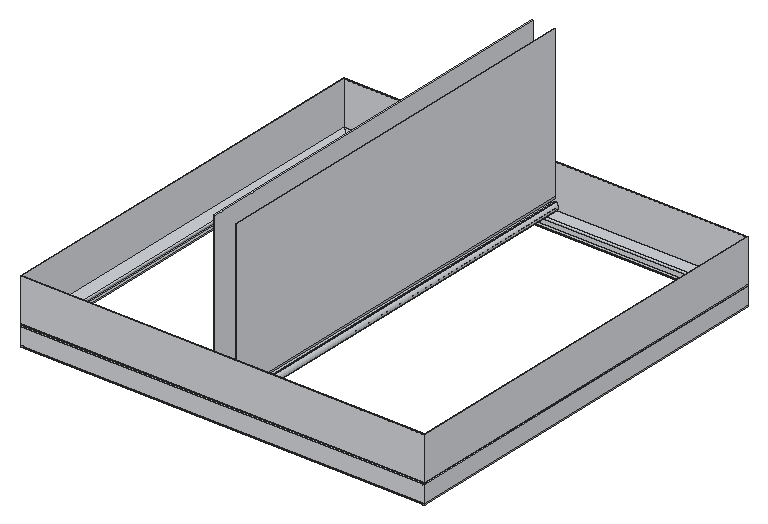
Revit family "C-SR, C-SR-A", category Mechanical Equipment, Revit 2015
Parameters
  URL = "http://unitedenertech.com/catalog/pdf/D-3%20%20C-SR%20(SR-A).pdf"
  Type Comments = "Max. Size is (22\"w x 22\"l)"
  Track Length [instance] = Exact Length - 0' 0 3/16"  # 1' - 3 13/16"
  Model = "C-S/R, C-S/R-A"
  Manufacturer = "United Enertech Corporation"
  Exact Width = 1' - 4"
  Exact Length = 1' - 4"
  Description = "Rectangular Ceiling Damper"
  Blade Height [instance] = Exact Width / 2 - 0' 0 3/4"  # 0' - 7 1/4"
Reference planes (in)
  plane 1 "Center (Front/Back)": y = 0
  plane 2: z = 0
  plane 3 "Center (Left/Right)": x = 0
  plane 4: x = -8
  plane 5: x = 8
  plane 6: y = -8
  plane 7: y = 8
  plane 8: z = 7.25
  plane 9: z = 0.82115
  plane 10: y = -7.875
  plane 11: y = 7.875
Forms (in)
  Extrusion 1, solid
    sketch origin (-3.22557, 0, -2.40103) x (1, 0, 0) y (0, 0, 1)
      loop
        line (3.67769, 3.31415) -> (3.67769, 3.45261) -> (3.64253, 3.45261) -> (3.64253, 3.31415)
        arc (3.64253, 3.31415) -> (3.63351, 3.28115) -> (3.60896, 3.25734) r 0.06484
        line (3.60896, 3.25734) -> (3.49684, 3.25734)
        arc (3.49684, 3.25734) -> (3.38487, 3.43989) -> (3.54769, 3.57899) r 0.16484
        arc (3.54769, 3.57899) -> (3.64326, 3.61858) -> (3.68285, 3.71415) r 0.13516
        line (3.68285, 3.71415) -> (3.68285, 9.65103) -> (3.64769, 9.65103) -> (3.64769, 3.71415)
        arc (3.64769, 3.71415) -> (3.6184, 3.64343) -> (3.54769, 3.61415) r 0.1
        arc (3.54769, 3.61415) -> (3.34971, 3.4425) -> (3.49156, 3.22218) r 0.2
        line (3.49156, 3.22218) -> (3.61697, 3.22218)
        arc (3.61697, 3.22218) -> (3.66114, 3.25905) -> (3.67769, 3.31415) r 0.1
    from -7.875 to 7.875
  Extrusion 2, solid
    sketch origin (3.22557, 0, -2.40103) x (-1, 0, 0) y (0, 0, -1)
      loop
        arc (3.67769, -3.31415) -> (3.66114, -3.25905) -> (3.61697, -3.22218) r 0.1
        line (3.61697, -3.22218) -> (3.49156, -3.22218)
        arc (3.49156, -3.22218) -> (3.34971, -3.4425) -> (3.54769, -3.61415) r 0.2
        arc (3.54769, -3.61415) -> (3.6184, -3.64343) -> (3.64769, -3.71415) r 0.1
        line (3.64769, -3.71415) -> (3.64769, -9.65103) -> (3.68285, -9.65103) -> (3.68285, -3.71415)
        arc (3.68285, -3.71415) -> (3.64326, -3.61858) -> (3.54769, -3.57899) r 0.13516
        arc (3.54769, -3.57899) -> (3.38487, -3.43989) -> (3.49684, -3.25734) r 0.16484
        line (3.49684, -3.25734) -> (3.60896, -3.25734)
        arc (3.60896, -3.25734) -> (3.63351, -3.28115) -> (3.64253, -3.31415) r 0.06484
        line (3.64253, -3.31415) -> (3.64253, -3.45261) -> (3.67769, -3.45261) -> (3.67769, -3.31415)
    from -7.875 to 7.875
Dimensions and locks (in)
  equal spacing: plane 4, plane 3 "Center (Left/Right)", plane 5
  "Exact Width": plane 4 to plane 5
  equal spacing: plane 7, plane 1 "Center (Front/Back)", plane 6
  "Exact Length": plane 7 to plane 6
  "Blade Height": plane 8 to level
  locked: plane 9 to level at 0.82115
  locked: plane 10 to plane 6 at 0.125
  locked: plane 11 to plane 7 at 0.125
  aligned and locked: level to plane 2
  aligned and locked: plane 3 "Center (Left/Right)" to nested 1
  aligned and locked: plane 7 to nested 1
  aligned and locked: plane 6 to nested 2
  aligned and locked: plane 1 "Center (Front/Back)" to nested 3
  aligned and locked: nested 4 to plane 4
  aligned and locked: plane 5 to nested 3
  aligned and locked: plane 1 "Center (Front/Back)" to nested 5
  aligned and locked: Extrusion 1 sketch curve to plane 9
  aligned and locked: Extrusion 1 sketch curve to plane 8
  aligned and locked: Extrusion 1 to plane 10
  aligned and locked: Extrusion 1 to plane 11
  aligned and locked: Extrusion 2 to plane 11
  aligned and locked: Extrusion 2 to plane 10
Automatic sketch dimensions
  Extrusion 1 sketch curve to Extrusion 1 sketch curve = 0' - 0"  (x6)
  plane 3 "Center (Left/Right)" to Extrusion 1 sketch curve = 0' - 0.26599"
  Extrusion 1 sketch curve to Extrusion 1 sketch curve = 0' - 0.00528"
  Extrusion 1 sketch curve to Extrusion 1 sketch curve = 0' - 0.05085"
  Extrusion 1 sketch curve to Extrusion 1 sketch curve = 0' - 0.08085"
  plane 9 to Extrusion 1 sketch curve = 0' - 0 9/256"
  Extrusion 1 sketch curve to Extrusion 1 sketch curve = 0' - 0.03127"
  Extrusion 1 sketch curve to Extrusion 1 sketch curve = 0' - 0.00801"
  Extrusion 1 sketch curve to Extrusion 1 sketch curve = 0' - 0.09484"
  plane 3 "Center (Left/Right)" to Extrusion 1 sketch curve = 0' - 0.42212"
  Extrusion 1 sketch curve to Extrusion 1 sketch curve = 0' - 0 9/256"
  Extrusion 1 sketch curve to Extrusion 1 sketch curve = 0' - 0.1"  (x2)
  Extrusion 1 sketch curve to Extrusion 1 sketch curve = 0' - 0.03847"
  Extrusion 2 sketch curve to Extrusion 2 sketch curve = 0' - 0"  (x6)
  Extrusion 2 sketch curve to plane 9 = 0' - 0"
  Extrusion 2 sketch curve to plane 8 = 0' - 0"
  plane 3 "Center (Left/Right)" to Extrusion 2 sketch curve = 0' - 0.26599"
  Extrusion 2 sketch curve to Extrusion 2 sketch curve = 0' - 0.00528"
  Extrusion 2 sketch curve to Extrusion 2 sketch curve = 0' - 0.05085"
  Extrusion 2 sketch curve to Extrusion 2 sketch curve = 0' - 0.08085"
  Extrusion 2 sketch curve to plane 9 = 0' - 0 9/256"
  Extrusion 2 sketch curve to Extrusion 2 sketch curve = 0' - 0.03127"
  Extrusion 2 sketch curve to Extrusion 2 sketch curve = 0' - 0.00801"
  Extrusion 2 sketch curve to Extrusion 2 sketch curve = 0' - 0.09484"
  plane 3 "Center (Left/Right)" to Extrusion 2 sketch curve = 0' - 0.42212"
  Extrusion 2 sketch curve to Extrusion 2 sketch curve = 0' - 0 9/256"
  Extrusion 2 sketch curve to Extrusion 2 sketch curve = 0' - 0.1"  (x2)
  Extrusion 2 sketch curve to Extrusion 2 sketch curve = 0' - 0.03847"
Nested families (in)
  nested 1: "C-SR FRAME 1" at (0, 5.96484, -0.25013), type "C-SR FRAME 1"
    with Frame Length 1' - 4"
  nested 2: "C-SR FRAME 1" at (0, -5.96484, -0.25013), type "C-SR FRAME 1"
    with Frame Length 1' - 4"
  nested 3: "C-SR FRAME" at (5.96484, 0, -0.25013) x (0, -1, 0) z (0, 0, 1), type "C-SR FRAME"
    with Frame Length 1' - 4"
  nested 4: "C-SR FRAME" at (-5.96484, 0, -0.24845) x (0, -1, 0) z (0, 0, 1), type "C-SR FRAME"
    with Frame Length 1' - 4"
  nested 5: "CRD Track" at (1.0397, 0, 0.79202) x (0, -1, 0) z (0, 0, 1), type "CRD Track"
    with Track Length 1' - 3 13/16"
Definition of nested family "C-SR FRAME 1"
  Parameters (values of type "C-SR FRAME 1")
    Frame Length = 2' - 0"
  Reference planes (in)
    plane 1 "Center (Front/Back)": y = 0
    plane 2: z = 0
    plane 3 "Center (Left/Right)": x = 0
    plane 4: x = -12
    plane 5: x = 12
  Forms (in)
    Extrusion 1, solid
      sketch origin (0, 3.63966, -0.3957) x (0, 1, 0) y (0, 0, 1)
        loop
          line (-1.6045, 1.44089) -> (-1.6045, 3.1457) -> (-1.63966, 3.1457) -> (-1.63966, 1.43053) -> (-2.19698, 1.43786)
          arc (-2.19698, 1.43786) -> (-2.23913, 1.3957) -> (-2.19698, 1.35355) r 0.04215
          line (-2.19698, 1.35355) -> (-1.63966, 1.36048) -> (-1.63966, 0.75024) -> (-1.66408, 0.77073) -> (-1.67798, 0.6889)
          arc (-1.67798, 0.6889) -> (-1.64461, 0.64584) -> (-1.6045, 0.6827) r 0.037
          line (-1.6045, 0.6827) -> (-1.6045, 1.35051)
          arc (-1.6045, 1.35051) -> (-1.61782, 1.38247) -> (-1.64988, 1.39551) r 0.045
          arc (-1.64988, 1.39551) -> (-1.61779, 1.4088) -> (-1.6045, 1.44089) r 0.04538
      from -12 to 12
    Extrusion 2, void
      sketch origin (0, 0, 0) x (1, 0, 0) y (0, 1, 0)
        loop
          line (-12, 2.03516) -> (-12, 0) -> (-9.96484, 0) -> (-12, 2.03516)
      from 0 to 12
    Extrusion 3, void
      sketch origin (0, 0, 0) x (-1, 0, 0) y (0, -1, 0)
        loop
          line (-12, -2.03516) -> (-9.96484, 0) -> (-12, 0) -> (-12, -2.03516)
      from 0 to 12
  Cuts and joins
    Extrusion 2, Extrusion 3 cuts Extrusion 1
  Dimensions and locks (in)
    equal spacing: plane 4, plane 3 "Center (Left/Right)", plane 5
    "Frame Length": plane 4 to plane 5
    aligned and locked: level to plane 2
    aligned and locked: plane 4 to Extrusion 1
    aligned and locked: plane 5 to Extrusion 1
  Automatic sketch dimensions
    Extrusion 1 sketch curve to plane 1 "Center (Front/Back)" = 0' - 1.44268"
    level to Extrusion 1 sketch curve = 0' - 0.2932"
    Extrusion 1 sketch curve to Extrusion 1 sketch curve = 0' - 0.519"
    level to Extrusion 1 sketch curve = 0' - 0.37502"
    Extrusion 1 sketch curve to Extrusion 1 sketch curve = 0' - 0.0139"
    Extrusion 1 sketch curve to Extrusion 1 sketch curve = 0' - 0.54709"
    Extrusion 1 sketch curve to Extrusion 1 sketch curve = 0' - 0.00038"
    Extrusion 1 sketch curve to Extrusion 1 sketch curve = 0' - 0.03648"
    Extrusion 1 sketch curve to Extrusion 1 sketch curve = 0' - 0.01023"
    level to Extrusion 1 sketch curve = 0' - 0.96478"
    Extrusion 1 sketch curve to Extrusion 1 sketch curve = 0' - 0.00984"
    Extrusion 1 sketch curve to Extrusion 1 sketch curve = 0' - 0 9/256"
    Extrusion 1 sketch curve to Extrusion 1 sketch curve = 0' - 0.037"
    Extrusion 1 sketch curve to Extrusion 1 sketch curve = 0' - 0.02049"
    Extrusion 1 sketch curve to Extrusion 1 sketch curve = 0' - 0.00997"
    Extrusion 1 sketch curve to Extrusion 1 sketch curve = 0' - 0.00304"
    Extrusion 1 sketch curve to Extrusion 1 sketch curve = 0' - 0.04215"
    Extrusion 1 sketch curve to Extrusion 1 sketch curve = 0' - 0.01036"
    Extrusion 1 sketch curve to Extrusion 1 sketch curve = 0' - 1.70481"
    plane 1 "Center (Front/Back)" to Extrusion 2 sketch curve = 0' - 0"
    Extrusion 2 sketch curve to plane 4 = 0' - 0"
    Extrusion 2 sketch curve to plane 4 = 0' - 2 9/256"
    Extrusion 2 sketch curve to Extrusion 2 sketch curve = 0' - 2 9/256"
    plane 1 "Center (Front/Back)" to Extrusion 3 sketch curve = 0' - 0"
    Extrusion 3 sketch curve to plane 5 = 0' - 0"
    Extrusion 3 sketch curve to Extrusion 3 sketch curve = 0' - 2 9/256"  (x2)
Definition of nested family "C-SR FRAME"
  Parameters (values of type "C-SR FRAME")
    Frame Length = 2' - 0"
  Reference planes (in)
    plane 1 "Center (Front/Back)": y = 0
    plane 2: z = 0
    plane 3 "Center (Left/Right)": x = 0
    plane 4: x = -12
    plane 5: x = 12
  Forms (in)
    Extrusion 1, solid
      sketch origin (0, 3.63966, -0.3957) x (0, 1, 0) y (0, 0, 1)
        loop
          line (-1.6045, 1.44089) -> (-1.6045, 3.1457) -> (-1.63966, 3.1457) -> (-1.63966, 1.43053) -> (-2.19698, 1.43786)
          arc (-2.19698, 1.43786) -> (-2.23913, 1.3957) -> (-2.19698, 1.35355) r 0.04215
          line (-2.19698, 1.35355) -> (-1.63966, 1.36048) -> (-1.63966, 0.75024) -> (-1.66408, 0.77073) -> (-1.67798, 0.6889)
          arc (-1.67798, 0.6889) -> (-1.64461, 0.64584) -> (-1.6045, 0.6827) r 0.037
          line (-1.6045, 0.6827) -> (-1.6045, 1.35051)
          arc (-1.6045, 1.35051) -> (-1.61782, 1.38247) -> (-1.64988, 1.39551) r 0.045
          arc (-1.64988, 1.39551) -> (-1.61779, 1.4088) -> (-1.6045, 1.44089) r 0.04538
      from -12 to 12
    Extrusion 2, void
      sketch origin (0, 0, 0) x (1, 0, 0) y (0, 1, 0)
        loop
          line (-12, 2.03516) -> (-12, 0) -> (-9.96484, 0) -> (-12, 2.03516)
      from 0 to 12
    Extrusion 3, void
      sketch origin (0, 0, 0) x (-1, 0, 0) y (0, -1, 0)
        loop
          line (-12, -2.03516) -> (-9.96484, 0) -> (-12, 0) -> (-12, -2.03516)
      from 0 to 12
  Cuts and joins
    Extrusion 2, Extrusion 3 cuts Extrusion 1
  Dimensions and locks (in)
    equal spacing: plane 4, plane 3 "Center (Left/Right)", plane 5
    "Frame Length": plane 4 to plane 5
    aligned and locked: level to plane 2
    aligned and locked: plane 4 to Extrusion 1
    aligned and locked: plane 5 to Extrusion 1
  Automatic sketch dimensions
    Extrusion 1 sketch curve to plane 1 "Center (Front/Back)" = 0' - 1.44268"
    level to Extrusion 1 sketch curve = 0' - 0.2932"
    Extrusion 1 sketch curve to Extrusion 1 sketch curve = 0' - 0.519"
    level to Extrusion 1 sketch curve = 0' - 0.37502"
    Extrusion 1 sketch curve to Extrusion 1 sketch curve = 0' - 0.0139"
    Extrusion 1 sketch curve to Extrusion 1 sketch curve = 0' - 0.54709"
    Extrusion 1 sketch curve to Extrusion 1 sketch curve = 0' - 0.00038"
    Extrusion 1 sketch curve to Extrusion 1 sketch curve = 0' - 0.03648"
    Extrusion 1 sketch curve to Extrusion 1 sketch curve = 0' - 0.01023"
    level to Extrusion 1 sketch curve = 0' - 0.96478"
    Extrusion 1 sketch curve to Extrusion 1 sketch curve = 0' - 0.00984"
    Extrusion 1 sketch curve to Extrusion 1 sketch curve = 0' - 0 9/256"
    Extrusion 1 sketch curve to Extrusion 1 sketch curve = 0' - 0.037"
    Extrusion 1 sketch curve to Extrusion 1 sketch curve = 0' - 0.02049"
    Extrusion 1 sketch curve to Extrusion 1 sketch curve = 0' - 0.00997"
    Extrusion 1 sketch curve to Extrusion 1 sketch curve = 0' - 0.00304"
    Extrusion 1 sketch curve to Extrusion 1 sketch curve = 0' - 0.04215"
    Extrusion 1 sketch curve to Extrusion 1 sketch curve = 0' - 0.01036"
    Extrusion 1 sketch curve to Extrusion 1 sketch curve = 0' - 1.70481"
    plane 1 "Center (Front/Back)" to Extrusion 2 sketch curve = 0' - 0"
    Extrusion 2 sketch curve to plane 4 = 0' - 0"
    Extrusion 2 sketch curve to plane 4 = 0' - 2 9/256"
    Extrusion 2 sketch curve to Extrusion 2 sketch curve = 0' - 2 9/256"
    plane 1 "Center (Front/Back)" to Extrusion 3 sketch curve = 0' - 0"
    Extrusion 3 sketch curve to plane 5 = 0' - 0"
    Extrusion 3 sketch curve to Extrusion 3 sketch curve = 0' - 2 9/256"  (x2)
Definition of nested family "CRD Track"
  Parameters (values of type "CRD Track")
    Track Length = 0' - 11 1/2"
  Reference planes (in)
    plane 1 "Center (Front/Back)": y = 0
    plane 2: z = 0
    plane 3 "Center (Left/Right)": x = 0
    plane 4: x = -5.75
    plane 5: x = 5.75
    plane 6: x = -5.7859
    plane 7: x = 5.7859
    plane 8: z = 0.5
    plane 9: y = -0.7897
    plane 10: y = -1.2897
    plane 11: x = 5.25
    plane 12: x = -5.25
  Forms (in)
    Extrusion 1, solid
      sketch origin (0, 2.51089, -1.29923) x (0, 1, 0) y (0, 0, 1)
        loop
          arc (-3.55059, 1.29923) -> (-3.30873, 1.30598) -> (-3.06763, 1.32622) r 4.33445
          arc (-3.06763, 1.32622) -> (-3.03891, 1.3374) -> (-3.01954, 1.36136) r 0.06
          arc (-3.01954, 1.36136) -> (-3.0102, 1.49991) -> (-3.09301, 1.61139) r 0.2008
          arc (-3.09301, 1.61139) -> (-3.14853, 1.61336) -> (-3.18187, 1.56892) r 0.06
          line (-3.18187, 1.56892) -> (-3.20309, 1.43923) -> (-3.16839, 1.43355) -> (-3.14717, 1.56324)
          arc (-3.14717, 1.56324) -> (-3.13377, 1.58144) -> (-3.11117, 1.58126) r 0.02484
          arc (-3.11117, 1.58126) -> (-3.04188, 1.48234) -> (-3.05816, 1.36268) r 0.16564
          arc (-3.05816, 1.36268) -> (-3.30397, 1.34146) -> (-3.55059, 1.33438) r 4.2993
          arc (-3.55059, 1.33438) -> (-3.79721, 1.34146) -> (-4.04302, 1.36268) r 4.2993
          arc (-4.04302, 1.36268) -> (-4.0593, 1.48234) -> (-3.99001, 1.58126) r 0.16564
          arc (-3.99001, 1.58126) -> (-3.9674, 1.58144) -> (-3.95401, 1.56324) r 0.02484
          line (-3.95401, 1.56324) -> (-3.93278, 1.43355) -> (-3.89809, 1.43923) -> (-3.91931, 1.56892)
          arc (-3.91931, 1.56892) -> (-3.95265, 1.61336) -> (-4.00817, 1.61139) r 0.06
          arc (-4.00817, 1.61139) -> (-4.09098, 1.49991) -> (-4.08164, 1.36136) r 0.2008
          arc (-4.08164, 1.36136) -> (-4.06226, 1.3374) -> (-4.03355, 1.32622) r 0.06
          arc (-4.03355, 1.32622) -> (-3.79245, 1.30598) -> (-3.55059, 1.29923) r 4.33445
      from -5.75 to 5.75
    Extrusion 2, solid
      sketch origin (2.39415, 1.36935, 0) x (1, 0, 0) y (0, 1, 0)
        loop
          line (-8.18005, -2.65905) -> (-8.14415, -2.65905) -> (-8.14415, -2.15905) -> (-8.18005, -2.15905) -> (-8.18005, -2.65905)
      from 0 to 0.5
    Extrusion 3, solid
      sketch origin (-2.39415, 1.36935, 0) x (-1, 0, 0) y (0, -1, 0)
        loop
          line (-8.18005, 2.65905) -> (-8.18005, 2.15905) -> (-8.14415, 2.15905) -> (-8.14415, 2.65905) -> (-8.18005, 2.65905)
      from 0 to 0.5
    Extrusion 4, solid
      sketch origin (0, 0, 0) x (0, 1, 0) y (0, 0, 1)
        loop
          line (-0.7897, 0.5) -> (-1.2897, 0.5) -> (-1.2897, 0.4641) -> (-0.7897, 0.4641) -> (-0.7897, 0.5)
      from 5.25 to 5.75
    Extrusion 5, solid
      sketch origin (0, 0, 0) x (0, 1, 0) y (0, 0, -1)
        loop
          line (-0.7897, -0.5) -> (-0.7897, -0.4641) -> (-1.2897, -0.4641) -> (-1.2897, -0.5) -> (-0.7897, -0.5)
      from 5.25 to 5.75
  Dimensions and locks (in)
    equal spacing: plane 4, plane 3 "Center (Left/Right)", plane 5
    "Track Length": plane 4 to plane 5
    locked: plane 5 to plane 7 at 0.0359
    locked: plane 6 to plane 4 at 0.0359
    locked: plane 8 to level at 0.5
    locked: plane 11 to plane 5 at 0.5
    locked: plane 4 to plane 12 at 0.5
    aligned and locked: level to plane 2
    aligned and locked: plane 4 to Extrusion 1
    aligned and locked: plane 5 to Extrusion 1
    aligned and locked: Extrusion 2 to plane 4
    aligned and locked: Extrusion 3 to plane 5
    aligned and locked: plane 8 to Extrusion 2
    aligned and locked: plane 8 to Extrusion 3
    aligned and locked: plane 11 to Extrusion 4
    aligned and locked: plane 5 to Extrusion 4
    aligned and locked: plane 12 to Extrusion 5
    aligned and locked: plane 4 to Extrusion 5
  Automatic sketch dimensions
    Extrusion 1 sketch curve to Extrusion 1 sketch curve = 0' - 0"  (x23)
    Extrusion 1 sketch curve to level = 0' - 0"
    level to Extrusion 1 sketch curve = 0' - 0.08662"  (x2)
    Extrusion 1 sketch curve to plane 10 = 0' - 0.22627"
    Extrusion 1 sketch curve to plane 10 = 0' - 0.17794"
    Extrusion 1 sketch curve to Extrusion 1 sketch curve = 0' - 0.02452"  (x2)
    Extrusion 1 sketch curve to Extrusion 1 sketch curve = 0' - 0.09408"  (x2)
    Extrusion 1 sketch curve to Extrusion 1 sketch curve = 0' - 0.03469"  (x3)
    Extrusion 1 sketch curve to Extrusion 1 sketch curve = 0' - 0.03446"
    Extrusion 1 sketch curve to Extrusion 1 sketch curve = 0' - 0.00023"  (x2)
    Extrusion 1 sketch curve to plane 9 = 0' - 0 1/4"
    plane 9 to Extrusion 1 sketch curve = 0' - 0.0975"
    plane 9 to Extrusion 1 sketch curve = 0' - 0.11872"
    Extrusion 1 sketch curve to Extrusion 1 sketch curve = 0' - 0.04771"  (x2)
    Extrusion 1 sketch curve to Extrusion 1 sketch curve = 0' - 0.00568"  (x2)
    Extrusion 1 sketch curve to Extrusion 1 sketch curve = 0' - 0.00408"  (x2)
    Extrusion 1 sketch curve to Extrusion 1 sketch curve = 0' - 0.00401"  (x2)
    plane 8 to Extrusion 1 sketch curve = 0' - 3.83445"
    Extrusion 1 sketch curve to Extrusion 1 sketch curve = 0' - 0.01616"
    Extrusion 1 sketch curve to Extrusion 1 sketch curve = 0' - 0.01148"  (x2)
    Extrusion 1 sketch curve to Extrusion 1 sketch curve = 0' - 0.01817"
    Extrusion 2 sketch curve to plane 6 = 0' - 0"
    Extrusion 2 sketch curve to plane 4 = 0' - 0"
    Extrusion 2 sketch curve to plane 10 = 0' - 0"
    Extrusion 2 sketch curve to plane 9 = 0' - 0"
    Extrusion 3 sketch curve to plane 7 = 0' - 0"
    Extrusion 3 sketch curve to plane 5 = 0' - 0"
    Extrusion 3 sketch curve to plane 10 = 0' - 0"
    Extrusion 3 sketch curve to plane 9 = 0' - 0"
    Extrusion 4 sketch curve to plane 8 = 0' - 0"
    Extrusion 4 sketch curve to plane 10 = 0' - 0"
    Extrusion 4 sketch curve to plane 9 = 0' - 0"
    Extrusion 4 sketch curve to Extrusion 4 sketch curve = 0' - 0.0359"
    Extrusion 5 sketch curve to plane 8 = 0' - 0"
    Extrusion 5 sketch curve to plane 10 = 0' - 0"
    Extrusion 5 sketch curve to plane 9 = 0' - 0"
    Extrusion 5 sketch curve to Extrusion 5 sketch curve = 0' - 0.0359"
